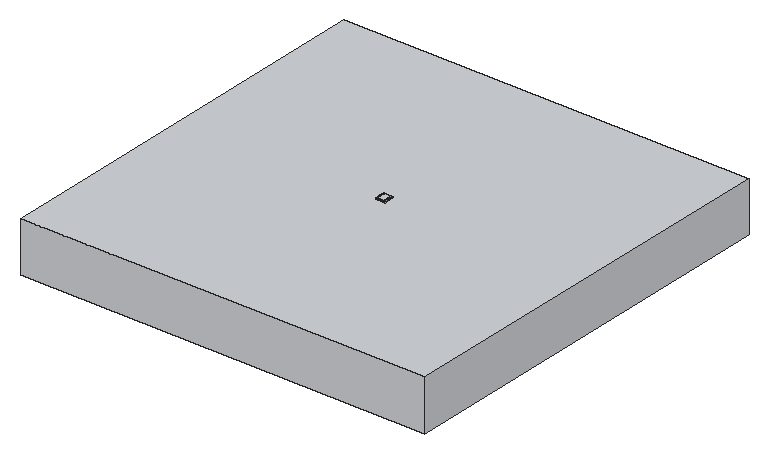
Revit family "Gira_514200", category Allgemeines Modell, Revit 2017
Family settings
  Basisbauteil = Fläche
  Kann Basisbauteil für Bewehrung sein = Nein
  Bemaßung runder Anschluss = Durchmesser verwenden
  Teiletyp = Normal
  Beim Laden mit Abzugskörper schneiden = Nein
  Gemeinsam genutzt = Nein
  Raumberechnungspunkt = Nein
Parameters
  Werkstoffgüte = "sonstige"
  Werkstoff = "sonstige"
  Default Elevation = 1219.2 mm
  URL = "https://www.gira.de/"
  Typname = "KNX Tastsens.3 Plus 2f System 55, Gira E22"
  Transparent = no
  Schutzart (IP) = "IP20"
  Produktseite = "http://katalog.gira.de/de_DE/datenblatt.html?artikelnr=514200"
  Oberfläche = "sonstige"
  Montageart = "Unterputz"
  Mit Raumthermostat = yes
  Mit LED-Anzeige = yes
  Mit Infrarotsensor = no
  Mit Display = yes
  Mit Diebstahl-/Demontageschutz = yes
  Mit Busankopplung = no
  Mit Beschriftungsfeld = no
  Hersteller = "Gira"
  HAN = "514200"
  GTIN = "4010337086888"
  Farbe = "sonstige"
  Datenblatt = "https://katalog.gira.de/de_DE/download.html?artikelnr=514200"
  Bussystem Powernet = no
  Bussystem LON = no
  Bussystem KNX-Funk = no
  Bussystem KNX = yes
  Bussystem Funkbus = no
  Beschreibung = "KNX Tastsensor 3 Plus 2fach System 55, Gira E22 Inbetriebnahme-Wippe Merkmale: - Montage auf Busankoppler 3 oder Busankoppler 3 externer Fühler. - Demontageschutz durch Verschraubung. - Grafikdisplay mit Hintergrundbeleuchtung und vielfältigen Anzeigemöglichkeiten, z. B. Temperatur, Uhrzeit, Datum, Alarm- und Hinweistexte. - Zwei mehrfarbige Status-LEDs je Bedienfläche. - Mehrfarbige Status-LED (rot, grün, blau) über die ETS parametrierbar. - Beschriftungsfeldbeleuchtung bei Wippensets mit Beschriftungsfeld. - Interner Temperatursensor zum Messen der lokalen Raumtemperatur. Tastsensor-Eigenschaften:: - Wippen- oder Tastenfunktion für jede Bedienfläche einstellbar. - Wippenfunktion: Schalten, Dimmen, Jalousiesteuerung, Wertgeber 1 Byte, Wertgeber 2 Byte, Szenennebenstelle, 2-Kanal-Bedienung und manuelle Lüftersteuerung. - Tastenfunktion: Schalten, Dimmen, Jalousiesteuerung, Wertgeber 1 Byte, Wertgeber 2 Byte, Szenennebenstelle, 2-Kanal-Bedienung, Reglernebenstelle, Reglerbedienung, Heizungsuhrbedienung und manuelle Lüftersteuerung. - Reglernebenstelle oder Reglerbedienung: Betriebsmodusumschaltung, (definierte Wahl eines Betriebsmodus oder Wechsel zwischen verschiedenen Betriebsmodi bei Reglernebenstelle), Wechsel des Präsenzzustands, Sollwertverschiebung. - Sperrobjekt zum Sperren von einzelnen Tasten- bzw. Wippenfunktionen. - Anzeige einer Alarmmeldung durch Blinken sämtlicher LEDs. - Mehrfarbige Status-LED (rot, grün, blau) ist global oder jeweils getrennt konfigurierbar. Über den Bus kann eine überlagerte Funktion aktiviert werden, wodurch Farbe und Anzeigeinformation einzelner Status-LEDs prioritätsbedingt verändert werden können. - Beschriftungsfeldbeleuchtung EIN, AUS, automatische Abschaltung oder über Objekt schaltbar. - Kommunikationsobjekt zur Helligkeitssteuerung der Status-LED, Beschriftungsfeldbeleuchtung und Hintergrundbeleuchtung des Displays. Raumtemperaturregler-Eigenschaften:: - Betriebsmodi: Komfort, Stand-by, Nacht und Frost- bzw. Hitzeschutz mit jeweils eigenen Temperatursollwerten (für Heizen und bzw. oder Kühlen). - Komfortverlängerung durch Präsenztaste. - Frost- bzw. Hitzeschutzumschaltung durch Fensterstatus oder durch Frostschutzautomatik. - Anzeige der Raumtemperaturregler-Informationen über das Gerätedisplay. - Wahlweise ein oder zwei Regelkreise. - Je Heiz- oder Kühlstufe sind verschiedene Regelungsarten konfigurierbar: PI-Regelung (stetige oder schaltende PWM) oder 2-Punkt-Regelung (schaltend). - Regelparameter für PI-Regler und 2-Punkt-Regler einstellbar. - Interner Temperatursensor und bis zu zwei externe Temperaturfühler (1 x Objekt, 1 x bedrahtet) zur Raumtemperaturmessung möglich. - Optionaler externer bedrahteter Fernfühler bei Fußbodenheizung. - Heizungsuhr mit 28 Schaltzeiten. LC-Display Eigenschaften:: - Grafikdisplay mit schaltbarer LED-Hintergrundbeleuchtung. - 1-Bereichs- oder 2-Bereichsdarstellung. - Textanzeigen im Display in den Sprachen: Deutsch, Englisch, Niederländisch, Norwegisch, Russisch und Polnisch. Weitere Sprachen im Internet verfügbar.  Hinweise : - Professionelle Beschriftung über den Gira Beschriftungsservice www.beschriftung.gira.de. - Der Tastsensor wird mit einer programmneutralen Inbetriebnahme-Wippe geliefert. Das passende Wippenset zum Schalterprogramm ist separat zu bestellen."
  BIM = "https://media.stage.bim.site/public/gira/ce1eeae/SYS55_Tastsensor.rfa"
  Ausführung der Oberfläche = "nicht zutreffend"
  Anzahl der Tasten = 2
  Anzahl der Betätigungspunkte = 6
  Andere Bussysteme = "ohne"
Reference planes
  plane 1 "Center (Front/Back)": y = 0
  plane 2: z = 0
  plane 3 "Center (Left/Right)": x = 0
Forms (mm)
  Extrusion 1, solid
    sketch origin (0, 0, 0) x (1, 0, 0) y (0, 1, 0)
      loop
        line (-1219.2, 1219.2) -> (-1219.2, -1219.2) -> (1219.2, -1219.2) -> (1219.2, 1219.2) -> (-1219.2, 1219.2)
    from 0 to -304.8
  Extrusion 2, solid, detail levels fine
    sketch origin (0, 0, 0) x (1, 0, 0) y (0, 1, 0)
      loop
        line (-6.6, -21.3) -> (-6.6, -16) -> (6.6, -16) -> (6.6, -21.3) -> (7.4, -21.3) -> (7.4, -15.2) -> (-7.4, -15.2) -> (-7.4, -21.3) -> (-6.6, -21.3)
    from -9.5 to -1.5
  Extrusion 3, solid, detail levels fine
    sketch origin (0, 0, 0) x (1, 0, 0) y (0, 1, 0)
      loop
        circle (-5.08, -17.5) r 0.5
      loop
        circle (-2.54, -17.48) r 0.5
      loop
        circle (0, -17.5) r 0.5
      loop
        circle (2.54, -17.48) r 0.5
      loop
        circle (5.08, -17.5) r 0.5
      loop
        circle (5.08, -20.04) r 0.5
      loop
        circle (2.54, -20.02) r 0.5
      loop
        circle (0, -20.04) r 0.5
      loop
        circle (-2.54, -20.02) r 0.5
      loop
        circle (-5.08, -20.04) r 0.5
    from -8.48 to -1.5
  Extrusion 4, solid, detail levels fine
    sketch origin (0, 0, 0) x (1, 0, 0) y (0, 1, 0)
      loop
        arc (-23.95, -19.15) -> (-22.544, -22.544) -> (-19.15, -23.95) r 4.8
        line (-19.15, -23.95) -> (19.15, -23.95)
        arc (19.15, -23.95) -> (22.544, -22.544) -> (23.95, -19.15) r 4.8
        line (23.95, -19.15) -> (23.95, 19.15)
        arc (23.95, 19.15) -> (22.544, 22.544) -> (19.15, 23.95) r 4.8
        line (19.15, 23.95) -> (-19.15, 23.95)
        arc (-19.15, 23.95) -> (-22.544, 22.544) -> (-23.95, 19.15) r 4.8
        line (-23.95, 19.15) -> (-23.95, -19.15)
    from -1.5 to 0.5
  Extrusion 5, solid, detail levels fine
    sketch origin (0, 0, 0) x (1, 0, 0) y (0, 1, 0)
      loop
        line (27.6, -27.7) -> (27.6, -26.6) -> (26.1, -26.6) -> (26.1, -10.4) -> (27.45, -10.4) -> (27.45, -8.1) -> (26.1, -8.1) -> (26.1, 8.1) -> (27.45, 8.1) -> (27.45, 10.4) -> (26.1, 10.4) -> (26.1, 26.6) -> (27.6, 26.6) -> (27.6, 27.7) -> (-27.6, 27.7) -> (-27.6, 26.6) -> (-26.1, 26.6) -> (-26.1, 10.4) -> (-27.45, 10.4) -> (-27.45, 8.1) -> (-26.1, 8.1) -> (-26.1, -8.1) -> (-27.45, -8.1) -> (-27.45, -10.4) -> (-26.1, -10.4) -> (-26.1, -26.6) -> (-27.6, -26.6) -> (-27.6, -27.7) -> (27.6, -27.7)
    from 0 to 5.44
  Extrusion 6, solid, detail levels fine
    sketch origin (0, 0, 0) x (0, 1, 0) y (0, 0, 1)
      loop
        arc (15.5, 5.92) -> (15.146, 5.774) -> (15, 5.42) r 0.5
        line (15, 5.42) -> (15, 3.62)
        arc (15, 3.62) -> (15.146, 3.267) -> (15.5, 3.12) r 0.5
        line (15.5, 3.12) -> (21.5, 3.12)
        arc (21.5, 3.12) -> (21.854, 3.267) -> (22, 3.62) r 0.5
        line (22, 3.62) -> (22, 5.42)
        arc (22, 5.42) -> (21.854, 5.774) -> (21.5, 5.92) r 0.5
        line (21.5, 5.92) -> (15.5, 5.92)
      loop
        line (11.4, 1.3) -> (25.6, 1.3)
        arc (25.6, 1.3) -> (25.954, 1.446) -> (26.1, 1.8) r 0.5
        line (26.1, 1.8) -> (26.1, 5.7) -> (27.65, 5.7) -> (27.635, 7.4) -> (-27.635, 7.4) -> (-27.65, 5.7) -> (-26.1, 5.7) -> (-26.1, 1.8)
        arc (-26.1, 1.8) -> (-25.954, 1.446) -> (-25.6, 1.3) r 0.5
        line (-25.6, 1.3) -> (-11.4, 1.3)
        arc (-11.4, 1.3) -> (-11.046, 1.446) -> (-10.9, 1.8) r 0.5
        line (-10.9, 1.8) -> (-10.9, 5.7) -> (-8.05, 5.7) -> (-8.05, 1.8)
        arc (-8.05, 1.8) -> (-7.904, 1.446) -> (-7.55, 1.3) r 0.5
        line (-7.55, 1.3) -> (7.55, 1.3)
        arc (7.55, 1.3) -> (7.904, 1.446) -> (8.05, 1.8) r 0.5
        line (8.05, 1.8) -> (8.05, 5.7) -> (10.9, 5.7) -> (10.9, 1.8)
        arc (10.9, 1.8) -> (11.046, 1.446) -> (11.4, 1.3) r 0.5
      loop
        line (3, 5.92) -> (-3, 5.92)
        arc (-3, 5.92) -> (-3.354, 5.774) -> (-3.5, 5.42) r 0.5
        line (-3.5, 5.42) -> (-3.5, 3.62)
        arc (-3.5, 3.62) -> (-3.354, 3.267) -> (-3, 3.12) r 0.5
        line (-3, 3.12) -> (3, 3.12)
        arc (3, 3.12) -> (3.354, 3.267) -> (3.5, 3.62) r 0.5
        line (3.5, 3.62) -> (3.5, 5.42)
        arc (3.5, 5.42) -> (3.354, 5.774) -> (3, 5.92) r 0.5
      loop
        arc (-15.5, 3.12) -> (-15.146, 3.267) -> (-15, 3.62) r 0.5
        line (-15, 3.62) -> (-15, 5.42)
        arc (-15, 5.42) -> (-15.146, 5.774) -> (-15.5, 5.92) r 0.5
        line (-15.5, 5.92) -> (-21.5, 5.92)
        arc (-21.5, 5.92) -> (-21.854, 5.774) -> (-22, 5.42) r 0.5
        line (-22, 5.42) -> (-22, 3.62)
        arc (-22, 3.62) -> (-21.854, 3.267) -> (-21.5, 3.12) r 0.5
        line (-21.5, 3.12) -> (-15.5, 3.12)
    from -27.45 to -25
  Extrusion 7, solid, detail levels fine
    sketch origin (0, 0, 0) x (0, 1, 0) y (0, 0, -1)
      loop
        line (15.5, -5.92) -> (21.5, -5.92)
        arc (21.5, -5.92) -> (21.854, -5.774) -> (22, -5.42) r 0.5
        line (22, -5.42) -> (22, -3.62)
        arc (22, -3.62) -> (21.854, -3.267) -> (21.5, -3.12) r 0.5
        line (21.5, -3.12) -> (15.5, -3.12)
        arc (15.5, -3.12) -> (15.146, -3.267) -> (15, -3.62) r 0.5
        line (15, -3.62) -> (15, -5.42)
        arc (15, -5.42) -> (15.146, -5.774) -> (15.5, -5.92) r 0.5
      loop
        arc (11.4, -1.3) -> (11.046, -1.446) -> (10.9, -1.8) r 0.5
        line (10.9, -1.8) -> (10.9, -5.7) -> (8.05, -5.7) -> (8.05, -1.8)
        arc (8.05, -1.8) -> (7.904, -1.446) -> (7.55, -1.3) r 0.5
        line (7.55, -1.3) -> (-7.55, -1.3)
        arc (-7.55, -1.3) -> (-7.904, -1.446) -> (-8.05, -1.8) r 0.5
        line (-8.05, -1.8) -> (-8.05, -5.7) -> (-10.9, -5.7) -> (-10.9, -1.8)
        arc (-10.9, -1.8) -> (-11.046, -1.446) -> (-11.4, -1.3) r 0.5
        line (-11.4, -1.3) -> (-25.6, -1.3)
        arc (-25.6, -1.3) -> (-25.954, -1.446) -> (-26.1, -1.8) r 0.5
        line (-26.1, -1.8) -> (-26.1, -5.7) -> (-27.65, -5.7) -> (-27.635, -7.4) -> (27.635, -7.4) -> (27.65, -5.7) -> (26.1, -5.7) -> (26.1, -1.8)
        arc (26.1, -1.8) -> (25.954, -1.446) -> (25.6, -1.3) r 0.5
        line (25.6, -1.3) -> (11.4, -1.3)
      loop
        arc (3, -5.92) -> (3.354, -5.774) -> (3.5, -5.42) r 0.5
        line (3.5, -5.42) -> (3.5, -3.62)
        arc (3.5, -3.62) -> (3.354, -3.267) -> (3, -3.12) r 0.5
        line (3, -3.12) -> (-3, -3.12)
        arc (-3, -3.12) -> (-3.354, -3.267) -> (-3.5, -3.62) r 0.5
        line (-3.5, -3.62) -> (-3.5, -5.42)
        arc (-3.5, -5.42) -> (-3.354, -5.774) -> (-3, -5.92) r 0.5
        line (-3, -5.92) -> (3, -5.92)
      loop
        line (-15.5, -3.12) -> (-21.5, -3.12)
        arc (-21.5, -3.12) -> (-21.854, -3.267) -> (-22, -3.62) r 0.5
        line (-22, -3.62) -> (-22, -5.42)
        arc (-22, -5.42) -> (-21.854, -5.774) -> (-21.5, -5.92) r 0.5
        line (-21.5, -5.92) -> (-15.5, -5.92)
        arc (-15.5, -5.92) -> (-15.146, -5.774) -> (-15, -5.42) r 0.5
        line (-15, -5.42) -> (-15, -3.62)
        arc (-15, -3.62) -> (-15.146, -3.267) -> (-15.5, -3.12) r 0.5
    from -27.45 to -25
  Extrusion 8, solid, detail levels fine
    sketch origin (-82.195, -64.588, 0) x (1, 0, 0) y (0, 1, 0)
      loop
        line (54.545, 36.952) -> (109.845, 36.952) -> (109.845, 92.223) -> (54.545, 92.223) -> (54.545, 36.952)
    from 6.703 to 8.9
  Extrusion 9, solid, detail levels fine
    sketch origin (0, 0, 0) x (1, 0, 0) y (0, 1, 0)
      loop
        line (-19.2, 27) -> (-19.2, -27) -> (19.2, -27) -> (19.2, 27) -> (-19.2, 27)
    from 5.44 to 8
  Extrusion 10, solid, detail levels fine
    sketch origin (0, 0, 0) x (1, 0, 0) y (0, 1, 0)
      loop
        circle (-23.85, 0) r 1.269
      loop
        circle (23.85, 0) r 1.269
    from 6.703 to 9.6
  Extrusion 11, solid, detail levels medium
    sketch origin (0, 0, 0) x (1, 0, 0) y (0, 1, 0)
      loop
        line (27.65, 27.7) -> (-27.65, 27.7) -> (-27.65, -27.7) -> (27.65, -27.7) -> (27.65, 27.7)
    from 0 to 9.6
  Extrusion 12, solid, detail levels medium
    sketch origin (0, 0, 0) x (1, 0, 0) y (0, 1, 0)
      loop
        line (-23.95, -23.95) -> (23.95, -23.95) -> (23.95, 23.95) -> (-23.95, 23.95) -> (-23.95, -23.95)
    from -1.5 to 0.5
  Extrusion 13, solid, detail levels medium
    sketch origin (0, 0, 0) x (1, 0, 0) y (0, 1, 0)
      loop
        line (-7.4, -21.3) -> (7.4, -21.3) -> (7.4, -15.2) -> (-7.4, -15.2) -> (-7.4, -21.3)
    from -9.5 to -1.5
  Extrusion 14, solid, detail levels coarse
    sketch origin (0, 0, 0) x (1, 0, 0) y (0, 1, 0)
      loop
        line (27.65, 27.7) -> (-27.65, 27.7) -> (-27.65, -27.7) -> (27.65, -27.7) -> (27.65, 27.7)
    from -9.5 to 9.6
Dimensions and locks
  aligned and locked: plane 2 to Extrusion 1
  aligned and locked: level to Extrusion 1
Connectors
  electrical at (0, 0, -9.5)
    settings: on Extrusion 14, index 1, voltage 220 V, apparent load 0 VA, apparent load phase1 0 VA, apparent load phase2 0 VA, apparent load phase3 0 VA, power factor 1, load classification "Other", number of poles 1, system type 30, power factor state 1, is connector primary yes, connector utility no, sub classification motor no, connector description ""
